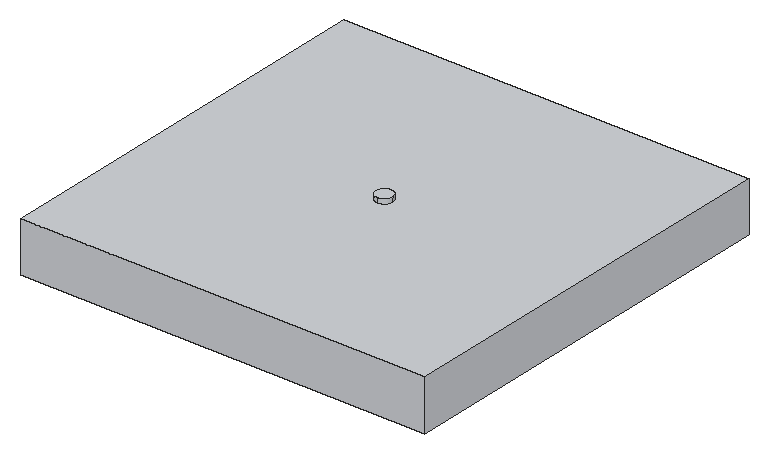
Revit family "M_Conector de tubulação - Água quente doméstica - Equipamento mecânico", category Equipamento mecânico, Revit 2019
Family settings
  Hospedeiro = Face
  Cota do conector redondo = Usar raio
  Tipo de parte = Normal
  Número OmniClass = 23.65.00.00
  Título OmniClass = Supply and Distribution of Liquids and Gases
  ID de item do Seek = Pipe Connector - Domestic Hot Water - Mechanical Equipment-0000-CAN-ENU
  Corte com vazios quando carregada = Não
  Compartilhado = Não
  Ponto de cálculo do ambiente = Não
Parameters (values of type "Padrão")
  Espessura [instance] = 25.4 mm
  Raio nominal [instance] = 50 mm
  Fluxo [instance] = 0.63 L/s
  Diâmetro nominal [instance] = Raio nominal * 2  # 100 mm
  Default Elevation = 0 mm
  Assembly Code = ""
Reference planes
  plane 1 "Centro (Frente/Trás)": y = 0
  plane 2: z = 0
  plane 3 "Centro (Esquerda/Direita)": x = 0
Forms (mm)
  Extrusion 1, solid
    sketch origin (0, 0, 0) x (1, 0, 0) y (0, 1, 0)
      loop
        line (-1219.2, 1219.2) -> (-1219.2, -1219.2) -> (1219.2, -1219.2) -> (1219.2, 1219.2) -> (-1219.2, 1219.2)
    from 0 to -304.8
  Sweep 2, solid
    path in 3D
      loop
        line (0, 0, 0) -> (0, 0, 25.4)
    profile "M_Duto - Redondo : Duto - Redondo" origin (0, 0, 12.7) x (0, -1, 0) y (1, 0, 0)
      loop
        arc (-50, 0) -> (-35.355, -35.355) -> (0, -50) r 50
        arc (0, -50) -> (35.355, -35.355) -> (50, 0) r 50
        arc (50, 0) -> (35.355, 35.355) -> (0, 50) r 50
        arc (0, 50) -> (-35.355, 35.355) -> (-50, 0) r 50
Lines and regions (mm)
  reference lines
    curve 1: line (0, 0, 0) -> (0, 0, 25.4)
  sketch lines
    curve 2: line (0, 0, 0) -> (0, 0, 25.4)
Dimensions and locks
  "Espessura": curve 1 to curve 1
  aligned and locked: plane 2 to Extrusion 1
  aligned and locked: level to Extrusion 1
  aligned and locked: Extrusion 1 to curve 1
  aligned and locked: curve 1 to plane 1 "Centro (Frente/Trás)"
Automatic sketch dimensions
  Extrusion 1 sketch curve to Extrusion 1 sketch curve = 2438.4 mm  (x2)
Connectors
  piping at (0, 0, 25.4), diameter 100, driven by "Fluxo", driven by "Raio nominal"
    settings: on Sweep 2, index 1, connector inside diameter 100 mm, connector length 0 mm, flow factor 0, pipe flow 0.63 L/s, pressure drop 0.0 Pa, fitting loss kfactor 0, connector angle 0.00°, fixture units 0, engagement length 0 mm, angle of deflection 0.00°, flow configuration 1, flow direction 1, fitting loss method 0, system type 19, joint type 0, gender type 0, connector reference index -1, connector utility 0, adjustable connector no, is connector primary yes, connector description ""
